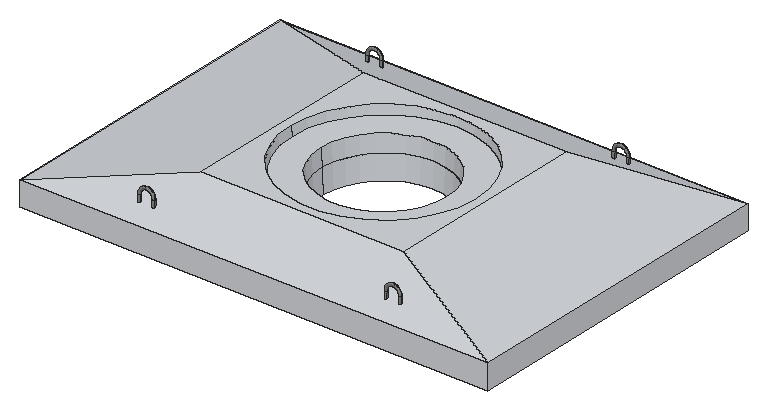
Revit family "110402-00003 Плита перекрытия колодца ККСр-3 ОП-1-80", category Обобщенные модели, Revit 2019
Family settings
  Может служить основой для арматурных стержней = Нет
  Размер круглого соединителя = Использовать диаметр
  Тип детали = Нормальный
  На основе рабочей плоскости = Нет
  Всегда вертикально = Да
  При загрузке вырезать с полостями = Нет
  Общий = Нет
  Точка расчета площади = Нет
Parameters (values of type "Плита перекрытия колодца ККСр-3 "ОП-1-80"")
  ADSK_Ширина2 [instance] = 130 mm
  ADSK_Ширина [instance] = 120 mm
  ADSK_Ссылка на сайт = "https://www.ssd.ru/plita-opornaya-op-1-80"
  ADSK_Сертификат соответствия = "https://www.ssd.ru/upload/iblock/ec0/sert_b25_0221.pdf"
  ADSK_Наименование = "Плита перекрытия колодца ККСр-3 \"ОП-1-80\""
  ADSK_Масса = "1610"
  ADSK_Марка бетона = "В25"
  ADSK_Марка = "ККСр-3 \"ОП-1-80\""
  ADSK_Код изделия = "110402-00003"
  ADSK_Изготовитель = "АО СВЯЗЬСТРОЙДЕТАЛЬ"
  ADSK_Длина [instance] = 2300 mm
  ADSK_Высота [instance] = 1600 mm
Reference planes
  plane 1 "По центру (Вперед/Назад)": y = 0
  plane 2: z = 0
  plane 3 "По центру (Влево/Вправо)": x = 0
  plane 4: x = -1150
  plane 5: x = 1150
  plane 6: y = 800
  plane 7: y = -800
  plane 8: z = 120
  plane 9: z = 250
  plane 10: z = 205
Forms (mm)
  Extrusion 1, solid
    sketch origin (0, 0, 0) x (1, 0, 0) y (0, 1, 0)
      loop
        line (-1150, 800) -> (-1150, -800) -> (1150, -800) -> (1150, 800) -> (-1150, 800)
    from 0 to 120
  Blend 2, solid
    base sketch origin (0, 0, 0) x (1, 0, 0) y (0, 1, 0)
      loop
        line (-1150, 800) -> (-1150, -800) -> (1150, -800) -> (1150, 800) -> (-1150, 800)
    top sketch origin (0, 0, 0) x (1, 0, 0) y (0, 1, 0)
      loop
        line (-500, 500) -> (-500, -500) -> (500, -500) -> (500, 500) -> (-500, 500)
    from 120 to 250
  Blend 3, void
    base sketch origin (0, 0, 0) x (1, 0, 0) y (0, 1, 0)
      loop
        circle (0, 0) r 452.5
    top sketch origin (0, 0, 0) x (1, 0, 0) y (0, 1, 0)
      loop
        circle (0, 0) r 457.5
    from 205 to 250
  Blend 4, void
    base sketch origin (0, 0, 0) x (1, 0, 0) y (0, 1, 0)
      loop
        circle (0, 0) r 300
    top sketch origin (0, 0, 0) x (1, 0, 0) y (0, 1, 0)
      loop
        circle (0, 0) r 310
    from 0 to 205
  Sweep 5, solid, material "Новый материал (по умолчанию)", detail levels fine
    path origin (-1061, 0, -90) x (1, 0, 0) y (0, 0, 1)
      loop
        line (490, 250) -> (490, 285)
        arc (490, 285) -> (455, 320) -> (420, 285) r 35
        line (420, 285) -> (420, 250)
    profile origin (-571, 0, 177.5) x (-1, 0, 0) y (0, -1, 0)
      loop
        circle (0, -700) r 6
  Sweep 6, solid, material "Новый материал (по умолчанию)", detail levels fine
    path origin (1061, 0, -90) x (-1, 0, 0) y (0, 0, 1)
      loop
        line (490, 250) -> (490, 285)
        arc (490, 285) -> (455, 320) -> (420, 285) r 35
        line (420, 285) -> (420, 250)
    profile origin (571, 0, 177.5) x (-1, 0, 0) y (0, -1, 0)
      loop
        circle (0, -700) r 6
  Sweep 7, solid, material "Новый материал (по умолчанию)", detail levels fine
    path origin (1061, 0, -90) x (-1, 0, 0) y (0, 0, 1)
      loop
        line (490, 250) -> (490, 285)
        arc (490, 285) -> (455, 320) -> (420, 285) r 35
        line (420, 285) -> (420, 250)
    profile origin (571, 0, 177.5) x (1, 0, 0) y (0, 1, 0)
      loop
        circle (0, -700) r 6
  Sweep 8, solid, material "Новый материал (по умолчанию)", detail levels fine
    path origin (-1061, 0, -90) x (1, 0, 0) y (0, 0, -1)
      loop
        line (490, -250) -> (490, -285)
        arc (490, -285) -> (455, -320) -> (420, -285) r 35
        line (420, -285) -> (420, -250)
    profile origin (-571, 0, 177.5) x (1, 0, 0) y (0, 1, 0)
      loop
        circle (0, -700) r 6
Cuts and joins
  Blend 3, Blend 4 cuts Extrusion 1
  Blend 3, Blend 4 cuts Blend 2
Dimensions and locks
  "ADSK_Длина": plane 4 to plane 5
  "ADSK_Высота": plane 6 to plane 7
  equal spacing: plane 4, plane 3 "По центру (Влево/Вправо)", plane 5
  equal spacing: plane 6, plane 1 "По центру (Вперед/Назад)", plane 7
  "ADSK_Ширина": plane 8 to level
  "ADSK_Ширина2": plane 9 to plane 8
  locked: plane 9 to plane 10 at 45
  aligned and locked: level to plane 2
  aligned and locked: Extrusion 1 sketch curve to plane 6
  aligned and locked: plane 4 to Extrusion 1 sketch curve
  aligned and locked: plane 7 to Extrusion 1 sketch curve
  aligned and locked: Extrusion 1 sketch curve to plane 5
  aligned and locked: plane 8 to Extrusion 1
  aligned and locked: Extrusion 1 to level
  aligned and locked: Blend 2 sketch curve to Extrusion 1  (x4)
  aligned and locked: Blend 2 to Extrusion 1
  aligned and locked: plane 9 to Blend 2
  aligned and locked: plane 9 to Blend 3
  aligned and locked: Blend 3 to plane 10
  aligned and locked: Blend 4 to Blend 3
  aligned and locked: Blend 4 to level
Automatic sketch dimensions
  Blend 2 sketch curve to plane 3 "По центру (Влево/Вправо)" = 500 mm
  plane 3 "По центру (Влево/Вправо)" to Blend 2 sketch curve = 500 mm
  plane 7 to Blend 2 sketch curve = 300 mm
  Blend 2 sketch curve to plane 6 = 300 mm
  plane 1 "По центру (Вперед/Назад)" to Blend 3 sketch curve = 0 mm  (x2)
  Blend 3 sketch curve to plane 3 "По центру (Влево/Вправо)" = 0 mm  (x2)
  plane 1 "По центру (Вперед/Назад)" to Blend 4 sketch curve = 0 mm  (x2)
  Blend 4 sketch curve to plane 3 "По центру (Влево/Вправо)" = 0 mm  (x2)
  Sweep 5 sketch curve to plane 9 = 90 mm  (x2)
  Sweep 5 sketch curve to plane 9 = 55 mm
  plane 4 to Sweep 5 sketch curve = 509 mm
  Sweep 5 sketch curve to Sweep 5 sketch curve = 35 mm
  Sweep 5 sketch curve to profile plane = 0 mm
  Sweep 5 sketch curve to plane 1 "По центру (Вперед/Назад)" = 700 mm
  plane 9 to Sweep 6 sketch curve = 90 mm  (x2)
  plane 9 to Sweep 6 sketch curve = 55 mm
  plane 5 to Sweep 6 sketch curve = 509 mm
  Sweep 6 sketch curve to Sweep 6 sketch curve = 35 mm
  Sweep 6 sketch curve to profile plane = 0 mm
  Sweep 6 sketch curve to plane 1 "По центру (Вперед/Назад)" = 700 mm
  Sweep 7 sketch curve to plane 9 = 90 mm  (x2)
  Sweep 7 sketch curve to plane 9 = 55 mm
  Sweep 7 sketch curve to plane 5 = 509 mm
  Sweep 7 sketch curve to Sweep 7 sketch curve = 35 mm
  Sweep 7 sketch curve to profile plane = 0 mm
  Sweep 7 sketch curve to profile plane = 700 mm
  Sweep 8 sketch curve to plane 9 = 90 mm  (x2)
  Sweep 8 sketch curve to plane 9 = 55 mm
  plane 4 to Sweep 8 sketch curve = 509 mm
  Sweep 8 sketch curve to Sweep 8 sketch curve = 35 mm
  Sweep 8 sketch curve to profile plane = 0 mm
  Sweep 8 sketch curve to profile plane = 700 mm
  radius of Blend 3 sketch curve = 452.5 mm
  radius of Blend 3 sketch curve = 457.5 mm
  radius of Blend 4 sketch curve = 300 mm
  radius of Blend 4 sketch curve = 310 mm
  radius of Sweep 5 sketch curve = 6 mm
  radius of Sweep 6 sketch curve = 6 mm
  radius of Sweep 7 sketch curve = 6 mm
  radius of Sweep 8 sketch curve = 6 mm
